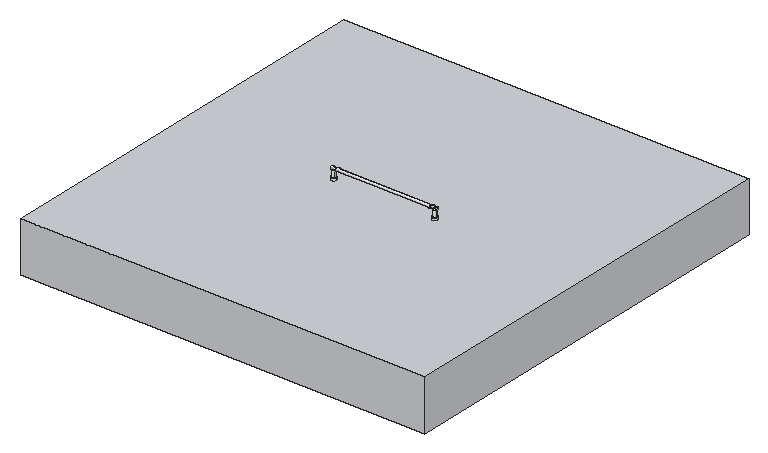
Revit family "Towel_Bar_Holder-Grohe-ATRIO-40309_Series", category Specialty Equipment, host Face, Revit 2019
Family settings
  Host = Face
  Round Connector Dimension = Use Diameter
  Part Type = Normal
  OmniClass Number = 23.40.20.21.27
  OmniClass Title = Towel Bars
  Cut with Voids When Loaded = No
  Shared = Yes
  Room Calculation Point = No
Parameters (values of type "40309003")
  Width = 642 mm  # constant formula
  Warranty Documentation Link = "https://cdn.cloud.grohe.com/tpi/1000/1900/1940/1949/1949006/original/1949006.pdf"
  URL = "https://www.grohe.us"
  Type Comments = ""
  Revised Date = "11/01/2021"  # constant formula
  Product Page URL = "https://www.grohe.us/Towel-Bars/24-Inch-Towel-Bar/GROHE-CHROME-40309003"
  Product Documentation Link = "https://americanstandard.box.com/shared/static/vdgaay54znowvzkni7zs0868tx2weh48.pdf"
  Price = "Prices may vary. Please consult Manufacturer Representative for most up-to-date price list."  # constant formula
  Model = "40309003"
  Material = "Metal-Grohe-003-Starlight Chrome"
  Manufacturer = "Grohe"  # constant formula
  Length = 65.98 mm  # constant formula
  Installation Type = "Wall Mounted"  # constant formula
  Installation Instruction Link = "https://americanstandard.box.com/shared/static/ha4pxg5gz4tr8zkc550iv60lhdu8av6n.pdf"
  Height = 35 mm  # constant formula
  Finish = Metal-Grohe-003-Starlight Chrome
  Energy Policy Act of 1992 = yes
  Description = "Atrio Towel Rail"  # constant formula
  Default Elevation = 1016 mm  # constant formula
  Creation Date = "11/02/2018"  # constant formula
  Assembly Code = "C1030200"
  ASME A112.18.1/CSA B125.1 = yes
Types (2, lengths in mm): name | Product Page URL | Model | Material | Finish
  40309003 | "https://www.grohe.us/Towel-Bars/24-Inch-Towel-Bar/GROHE-CHROME-40309003" | "40309003" | "Metal-Grohe-003-Starlight Chrome" | Metal-Grohe-003-Starlight Chrome
  40309EN3 | "https://www.grohe.us/Towel-Bars/24-Inch-Towel-Bar/GROHE-BRUSHED-NICKEL-40309EN3" | "40309EN3" | "Metal-Grohe-EN3-Brushed Nickel Infinity Finish" | Metal-Grohe-EN3-Brushed Nickel Infinity Finish
Reference planes
  plane 1 "Center (Front/Back)": y = 0
  plane 2: z = 0
  plane 3 "Center (Left/Right)": x = 0
  plane 4: z = 65.98
  plane 5: z = 28.575
  plane 6: x = -304.8
  plane 7: x = 304.8
  plane 8: x = -292.637
  plane 9: x = 292.513
  plane 10: y = 16.25
  plane 11: y = -16.25
  plane 12: x = 321
  plane 13: x = -321
Forms (mm)
  Extrusion 1, solid
    sketch origin (0, 0, 0) x (1, 0, 0) y (0, 1, 0)
      loop
        line (-1219.2, 1219.2) -> (-1219.2, -1219.2) -> (1219.2, -1219.2) -> (1219.2, 1219.2) -> (-1219.2, 1219.2)
    from 0 to -304.8
  Revolve 2, solid, material "Metal-Grohe-003-Starlight Chrome" <- "Finish"
    sketch origin (0, 0, -8.911) x (1, 0, 0) y (0, 0, 1)
      loop
        line (-283.377, 74.891) -> (-283.377, 73.049) -> (-317.81, 73.049) -> (-317.81, 66.873) -> (317.81, 66.873) -> (317.81, 73.049) -> (283.377, 73.049) -> (283.377, 74.891) -> (-283.377, 74.891)
      axis (-317.81, 66.873) -> (317.81, 66.873)
    angle from 0 to 360
  Revolve 3, solid, material "Metal-Grohe-003-Starlight Chrome" <- "Finish"
    sketch origin (0, 0, 0) x (1, 0, 0) y (0, 0, 1)
      loop
        line (321, 0) -> (321, 6.35) -> (318.02, 6.35) -> (318.02, 10.287) -> (313.544, 10.287) -> (313.544, 53.221)
        arc (313.544, 53.221) -> (312.84, 55.727) -> (311.15, 57.709) r 6.076
        line (311.15, 57.709) -> (304.8, 57.709) -> (304.8, 0) -> (321, 0)
      axis (304.8, 0) -> (304.8, 57.709)
    angle from 0 to 360
  Revolve 4, solid, material "Metal-Grohe-003-Starlight Chrome" <- "Finish"
    sketch origin (0, 0, 0) x (-1, 0, 0) y (0, 0, 1)
      loop
        line (321, 0) -> (321, 6.35) -> (318.02, 6.35) -> (318.02, 10.287) -> (313.544, 10.287) -> (313.544, 53.221)
        arc (313.544, 53.221) -> (312.84, 55.727) -> (311.15, 57.709) r 6.076
        line (311.15, 57.709) -> (304.8, 57.709) -> (304.8, 0) -> (321, 0)
      axis (304.8, 0) -> (304.8, 57.709)
    angle from 0 to 360
Lines and regions (mm)
  Masking region 1
    outline origin (0, 0, 0) x (1, 0, 0) y (0, 0, 1)
      loop
        line (317.81, 64.138) -> (283.377, 64.138) -> (283.377, 65.98) -> (-283.377, 65.98) -> (-283.377, 64.138) -> (-317.81, 64.138) -> (-317.81, 51.787) -> (-313.544, 51.787) -> (-313.544, 10.287) -> (-318.02, 10.287) -> (-318.02, 6.35) -> (-321, 6.35) -> (-321, 0) -> (-288.6, 0) -> (-288.6, 6.35) -> (-291.58, 6.35) -> (-291.58, 10.287) -> (-296.056, 10.287) -> (-296.056, 51.787) -> (-283.377, 51.787) -> (-283.377, 49.945) -> (283.377, 49.945) -> (283.377, 51.787) -> (296.056, 51.787) -> (296.056, 10.287) -> (291.58, 10.287) -> (291.58, 6.35) -> (288.6, 6.35) -> (288.6, 0) -> (321, 0) -> (321, 6.35) -> (318.02, 6.35) -> (318.02, 10.287) -> (313.544, 10.287) -> (313.544, 51.787) -> (317.81, 51.787) -> (317.81, 64.138)
  symbolic lines, detail levels medium+fine
    curve 1: line (321, 0, 6.35) -> (288.6, 0, 6.35)
    curve 2: line (283.377, 0, 65.98) -> (283.377, 0, 49.945)
    curve 3: line (283.377, 0, 51.787) -> (296.056, 0, 51.787)
    curve 4: line (318.02, 0, 10.287) -> (291.58, 0, 10.287)
    curve 5: line (-283.377, 0, 65.98) -> (-283.377, 0, 49.945)
    curve 6: line (-318.02, 0, 10.287) -> (-291.58, 0, 10.287)
    curve 7: line (-321, 0, 6.35) -> (-288.6, 0, 6.35)
    curve 8: line (-317.81, 0, 51.787) -> (-313.439, 0, 51.787)
  symbolic lines, detail levels fine
    curve 9: arc (-296.056, 0, 51.787) -> (-304.747, 0, 57.709) -> (-313.439, 0, 51.787) r 9.339
    curve 10: arc (296.056, 0, 51.787) -> (304.747, 0, 57.709) -> (313.439, 0, 51.787) r 9.339
Dimensions and locks
  locked: Extrusion 1 to plane 5 at 28.575
  "Length": Extrusion 1 to plane 4
  plane 3 "Center (Left/Right)" to plane 6 = 304.8 mm
  plane 7 to plane 3 "Center (Left/Right)" = 304.8 mm
  locked: plane 12 to plane 3 "Center (Left/Right)" at 321
  locked: plane 13 to plane 3 "Center (Left/Right)" at 321
  locked: plane 7 to plane 6 at 609.6
  plane 13 to plane 12 = 642 mm  (x3)
  plane 4 to Extrusion 1 = 65.98 mm
  aligned and locked: plane 2 to Extrusion 1
  aligned and locked: level to Extrusion 1
  aligned and locked: Revolve 2 sketch curve to plane 4
  aligned and locked: Revolve 2 sketch curve to Revolve 2 sketch curve  (x2)
  aligned and locked: Masking region 1 sketch curve to Revolve 2  (x4)
  aligned and locked: Masking region 1 sketch curve to Revolve 3  (x7)
  aligned and locked: Masking region 1 sketch curve to Revolve 4  (x7)
  aligned and locked: plane 4 to Masking region 1 sketch curve
  aligned and locked: curve 1 to Revolve 3
  aligned and locked: curve 2 to Revolve 2
  aligned and locked: curve 3 to Masking region 1
  aligned and locked: curve 4 to Revolve 3
  aligned and locked: curve 5 to Revolve 2
  aligned and locked: curve 6 to Revolve 4
  aligned and locked: curve 7 to Revolve 4
  aligned and locked: curve 8 to Masking region 1
Automatic sketch dimensions
  Extrusion 1 sketch curve to Extrusion 1 sketch curve = 2438.4 mm  (x2)
  Revolve 2 sketch curve to plane 13 = 3.19 mm
  plane 4 to Revolve 2 sketch curve = 1.843 mm
  plane 8 to Revolve 2 sketch curve = 9.261 mm
  Revolve 2 sketch curve to plane 9 = 9.136 mm
  plane 12 to Revolve 2 sketch curve = 3.19 mm
  Revolve 2 sketch curve to Revolve 2 sketch curve = 6.175 mm
  Revolve 2 sketch curve to Revolve 2 sketch curve = 1.954 mm
  Revolve 2 sketch curve to plane 12 = 6.781 mm
  Masking region 1 sketch curve to Masking region 1 sketch curve = 4.265 mm  (x2)
  Masking region 1 sketch curve to plane 8 = 3.418 mm
  plane 8 to Masking region 1 sketch curve = 9.261 mm
  Masking region 1 sketch curve to Masking region 1 sketch curve = 0 mm
  plane 9 to Masking region 1 sketch curve = 3.543 mm
  level to Masking region 1 sketch curve = 6.35 mm  (x2)
  Masking region 1 sketch curve to Masking region 1 sketch curve = 3.937 mm  (x2)
  Masking region 1 sketch curve to Masking region 1 sketch curve = 1.843 mm  (x2)
  plane 4 to Masking region 1 sketch curve = 14.193 mm  (x2)
  plane 4 to Masking region 1 sketch curve = 1.843 mm  (x2)
  Masking region 1 sketch curve to Masking region 1 sketch curve = 12.35 mm
  Revolve 3 sketch curve to level = 0 mm
  Revolve 3 sketch curve to plane 7 = 0 mm  (x2)
  plane 12 to Revolve 3 sketch curve = 0 mm
  plane 7 to Revolve 3 sketch curve = 2.679 mm
  plane 12 to Revolve 3 sketch curve = 2.98 mm
  Revolve 3 sketch curve to Revolve 3 sketch curve = 6.35 mm
  Revolve 3 sketch curve to Revolve 3 sketch curve = 3.937 mm
  plane 4 to Revolve 3 sketch curve = 13.113 mm
  Revolve 3 sketch curve to Revolve 3 sketch curve = 2.394 mm
  Revolve 3 sketch curve to plane 4 = 4.428 mm
  Revolve 3 sketch curve to Revolve 3 sketch curve = 12.7 mm
  Revolve 3 sketch curve to Revolve 3 sketch curve = 3.671 mm
  Revolve 3 sketch curve to Revolve 3 sketch curve = 0.353 mm
  Revolve 4 sketch curve to plane 6 = 0 mm  (x2)
  plane 13 to Revolve 4 sketch curve = 0 mm
  Revolve 4 sketch curve to level = 0 mm
  plane 6 to Revolve 4 sketch curve = 2.679 mm
  plane 13 to Revolve 4 sketch curve = 2.98 mm
  Revolve 4 sketch curve to level = 6.35 mm
  Revolve 4 sketch curve to Revolve 4 sketch curve = 3.937 mm
  Revolve 4 sketch curve to plane 4 = 12.76 mm
  plane 4 to Revolve 4 sketch curve = 4.428 mm
  Revolve 4 sketch curve to Revolve 4 sketch curve = 12.7 mm
  Revolve 4 sketch curve to Revolve 4 sketch curve = 4.841 mm
  Revolve 4 sketch curve to Revolve 4 sketch curve = 0.353 mm
  Revolve 4 sketch curve to Revolve 4 sketch curve = 3.671 mm
  plane 13 to curve 7 = 0 mm
  plane 12 to curve 1 = 0 mm
  curve 5 to plane 4 = 0 mm
  curve 2 to plane 4 = 0 mm
  plane 6 to curve 9 = 0.053 mm
  plane 9 to curve 3 = 3.543 mm
  curve 10 to plane 7 = 0.053 mm
  curve 10 to curve 10 = 3.418 mm
  curve 9 to curve 8 = 3.418 mm
  curve 6 to plane 13 = 2.98 mm
  curve 8 to plane 13 = 3.19 mm
  curve 9 to plane 8 = 3.418 mm
  plane 8 to curve 6 = 1.058 mm
  plane 8 to curve 7 = 4.037 mm
  curve 1 to plane 9 = 3.913 mm
  curve 4 to plane 9 = 0.933 mm
  plane 12 to curve 10 = 7.561 mm
  plane 12 to curve 4 = 2.98 mm
  plane 4 to curve 5 = 16.036 mm
  curve 2 to curve 3 = 1.843 mm
  curve 9 to curve 9 = 3.418 mm
